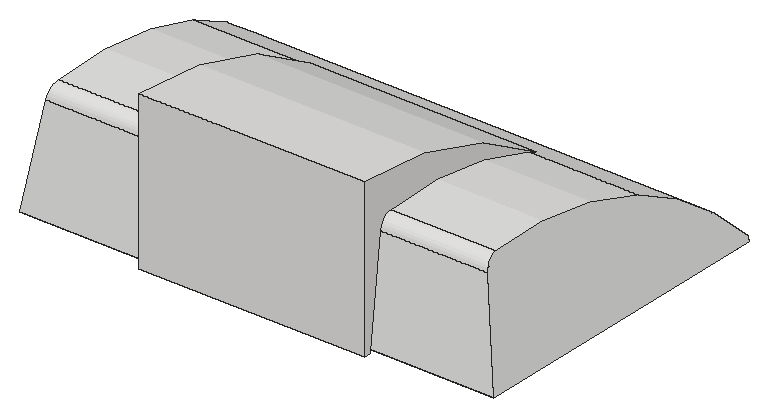
Revit family "WD2S-Down", category Lighting Fixtures, host Wall, Revit 2021
Family settings
  Host = Wall
  Round Connector Dimension = Use Diameter
  Part Type = Normal
  OmniClass Number = 23.80.70.14.11.17
  OmniClass Title = Wall or Ceiling Mounted External Lighting
  Always vertical = No
  Cut with Voids When Loaded = No
  Light Source = Yes
  Shared = Yes
  Room Calculation Point = No
Parameters (values of type "WDS-D-24L-30-3K7-3")
  Watts = 29 W
  Wattage Comments = "30, 40, 60 & 75W"  # constant formula
  Wattage = 29 W
  built-in parameter 1150110 = 1 (stored number, unit not read)
  Voltage = 120 V
  URL = "https://www.currentlighting.com/kimlighting"
  Type Comments = "Lighting Fixture"  # constant formula
  built-in parameter 1114217 = 1 (stored number, unit not read)
  Tilt Angle = 90.00°
  built-in parameter 1150109 = 1 (stored number, unit not read)
  built-in parameter 1150134 = (empty or 0)
  built-in parameter 1150113 = 1 (stored number, unit not read)
  Series = "Wall Director"  # constant formula
  Product Page URL = ""
  Product Documentation Link = ""
  Power Factor = 1  # constant formula
  Photometric Web File = "WDS-D-24L-30-3K7-3.IES"
  Photometric Notes = "More IES files download on Photometric Web Link"  # constant formula
  OmniClass Title = "Wall or Ceiling Mounted External Lighting"  # constant formula
  OmniClass Number = "23-80 70 14 11 17"  # constant formula
  Number of Poles = 1
  Note Visible = yes
  Note Text = "LF"  # constant formula
  Mounting Height = 72.00"
  Model = "WD2S-Down"  # constant formula
  MasterFormat Title = "Parking Lighting, Site Lighting"  # constant formula
  Manufacturer = "Kim Lighting"  # constant formula
  Lumens = 3364 lm
  built-in parameter 1150115 = 1 (stored number, unit not read)
  built-in parameter 1150105 = 267.7 (stored number, unit not read)
  Load Classification = Lighting
  built-in parameter 1150137 = (empty or 0)
  built-in parameter 1150139 = (empty or 0)
  Light Engine = "3000K/70CRI"
  built-in parameter 1150112 = 1 (stored number, unit not read)
  built-in parameter 1150114 = 1 (stored number, unit not read)
  Lamp = "24 LEDs"  # constant formula
  built-in parameter 1150132 = (empty or 0)
  built-in parameter 1150102 = (empty or 0)
  built-in parameter 1150138 = (empty or 0)
  built-in parameter 1150107 = 3000 (stored number, unit not read)
  built-in parameter 1150106 = 2.677 (stored number, unit not read)
  Emit from Rectangle Width = 9.00"  # constant formula
  Emit from Rectangle Length = 4.00"  # constant formula
  Emit Shape Visible in Rendering = no
  built-in parameter 1150104 = 10.777 (stored number, unit not read)
  Distribution = "Type III"
  Dimming Lamp Color Temperature Shift = <None>
  Description = "Wall Mounted Luminaire"  # constant formula
  Default Elevation = 0.00"
  Colour Option = WD : White
  Color Filter = 16777215
  built-in parameter 1114218 = 1 (stored number, unit not read)
  built-in parameter 1150133 = 10 (stored number, unit not read)
  Assembly Code = "D5020200"
  Apparent Load = 0 VA
Types (7): name | Watts | Wattage | built-in parameter 1150134 | Photometric Web File | Mounting Height | Lumens | built-in parameter 1150105 | Light Engine | built-in parameter 1150107 | built-in parameter 1150106 | built-in parameter 1150104 | Distribution
  (no name) | 29 W | 29 W | (empty or 0) | "WDS-D-24L-30-3K7-3.IES" | 72.00" | 3364 lm | 267.7 (stored number, unit not read) | "3000K/70CRI" | 3000 (stored number, unit not read) | 2.677 (stored number, unit not read) | 10.777 (stored number, unit not read) | "Type III"
  WDS-D-24L-59-4K7-3 | 59 W | 59 W | 12 | "WDS-D-24L-59-4K7-3.IES" | 72.00" | 6372 lm | 507.07 (stored number, unit not read) | "4000K/70CRI" | 4000 (stored number, unit not read) | 5.0707 (stored number, unit not read) | 10.034 (stored number, unit not read) | "Type III"
  WDS-D-24L-30-3K7-WG | 29 W | 29 W | (empty or 0) | "WDS-D-24L-30-3K7-WG.IES" | 72.00" | 3393 lm | 270.01 (stored number, unit not read) | "3000K/70CRI" | 3000 (stored number, unit not read) | 2.7001 (stored number, unit not read) | 10.87 (stored number, unit not read) | "Wall Graze"
  WDS-D-24L-42-3K7-4F | 42 W | 42 W | (empty or 0) | "WDS-D-24L-42-3K7-4F.IES" | 72.00" | 4536 lm | 360.96 (stored number, unit not read) | "3000K/70CRI" | 3000 (stored number, unit not read) | 3.6096 (stored number, unit not read) | 10.034 (stored number, unit not read) | "Type IV Forward"
  WDS-D-24L-59-5K7-1 | 59 W | 59 W | 2 | "WDS-D-24L-59-5K7-1.ies" | 72.00" | 6608 lm | 1752.7 (stored number, unit not read) | "5000K/70CRI" | 5000 (stored number, unit not read) | 17.527 (stored number, unit not read) | 10.405 (stored number, unit not read) | "Type I"
  WDS-D-24L-74-4K7-3 | 74 W | 74 W | 12 | "WDS-D-24L-74-4K7-3.IES" | 108.00" | 7844 lm | 624.21 (stored number, unit not read) | "4000K/70CRI" | 4000 (stored number, unit not read) | 6.2421 (stored number, unit not read) | 9.8477 (stored number, unit not read) | "Type III"
  WDS-D-24L-30-3K7-3 | 29 W | 29 W | (empty or 0) | "WDS-D-24L-30-3K7-3.IES" | 72.00" | 3364 lm | 267.7 (stored number, unit not read) | "3000K/70CRI" | 3000 (stored number, unit not read) | 2.677 (stored number, unit not read) | 10.777 (stored number, unit not read) | "Type III"
Reference planes (in)
  plane 1: y = 0
  plane 2 "Light Source Axis (F/B)": y = 9
  plane 3 "Light Source Axis (L/R)": x = -1.43133
  plane 4 "Light Source Elevation": z = 70.5
  plane 5 "Back": y = 3
  plane 6: z = 0
  plane 7: z = 72
Text (in)
  text "Placement Side" at (0, 30.98322, 113.37339), in view "Right"
  text "Placement Side" at (-61.11156, 46.17328, 0), in view "Ref. Level"
  text "Placement Side" at (0, 49.33155, 111.53661), in view "Left"
Dimensions and locks (in)
  locked: plane 5 "Back" to host wall
  plane 6 to plane 4 "Light Source Elevation" = 70.50"
  locked: plane 2 "Light Source Axis (F/B)" to plane 5 "Back" at 6
  locked: plane 4 "Light Source Elevation" to plane 7 at 1.5
  "Mounting Height": plane 6 to plane 7
  aligned and locked: plane 4 "Light Source Elevation" to imposter light
  aligned and locked: imposter light to plane 2 "Light Source Axis (F/B)"
  aligned and locked: plane 3 "Light Source Axis (L/R)" to nested 1
  aligned and locked: nested 1 to plane 7
Nested families (in)
  nested 1: "WD" at (-1.43133, 3, 72) x (-1, 0, 0) z (0, 1, 0), type "Platinum Silver"
Connectors (in)
  electrical at (-1.43133, 3, 72), driven by "Load Classification", driven by "Voltage", driven by "Apparent Load", driven by "Power Factor"
    settings: on nested 1, index 1, voltage 120 V, apparent load 0 VA, apparent load phase1 0 VA, apparent load phase2 0 VA, apparent load phase3 0 VA, power factor 1, load classification "Lighting", number of poles 1, system type 30, power factor state 1, is connector primary yes, connector utility no, sub classification motor no, connector description "Lighting Connector"
Definition of nested family "WD"
  Parameters
    Material Finish = none
    Glass = none
    Default Elevation = 48.00"
  Reference planes (in)
    plane 1 "Center (Front/Back)": y = 0
    plane 2: z = 0
    plane 3 "Center (Left/Right)": x = 0
    plane 4: x = -6.5
    plane 5: x = 6.5
    plane 6: y = 2.15
    plane 7: y = -2.15
    plane 8: y = -2.025
    plane 9: through (-6.5, -2.025, 48) normal (-0.9877, 0.1564, 0)
    plane 10: through (6.5, -2.025, 48) normal (-0.9877, -0.1564, 0)
    plane 11: z = 8.9
    plane 12: x = -3.1
    plane 13: x = 3.1
    plane 14: z = 7.9
    plane 15: z = 3.9
    plane 16: x = -4.5
    plane 17: x = 4.5
    plane 18: y = -1.15
  Forms (in)
    Extrusion 1, solid, material <- "Material Finish"
      sketch origin (0, 0, 0) x (0, 1, 0) y (0, 0, 1)
        loop
          line (-2.025, 0.17032) -> (0.73999, 0.50982)
          arc (0.73999, 0.50982) -> (0.97971, 0.62792) -> (1.09396, 0.8695) r 0.40569
          arc (1.09396, 0.8695) -> (1.0549, 3.28133) -> (0.43271, 5.61186) r 9.88236
          arc (0.43271, 5.61186) -> (-0.54071, 7.39296) -> (-1.90039, 8.9) r 8.69883
          line (-1.90039, 8.9) -> (-2.025, 8.9) -> (-2.025, 0.17032)
      from -6.5 to 6.5
    Extrusion 2, solid, material <- "Material Finish"
      sketch origin (0, 0, 0) x (0, 1, 0) y (0, 0, 1)
        loop
          line (-2.15, 0) -> (2.15, 0)
          arc (2.15, 0) -> (1.7043, 3.06816) -> (0.33308, 5.84881) r 9.9183
          arc (0.33308, 5.84881) -> (0.38377, 5.7307) -> (0.43271, 5.61186) r 8.69883
          arc (0.43271, 5.61186) -> (1.0549, 3.28133) -> (1.09396, 0.8695) r 9.88236
          arc (1.09396, 0.8695) -> (0.97971, 0.62792) -> (0.73999, 0.50982) r 0.40569
          line (0.73999, 0.50982) -> (-2.15, 0.15497) -> (-2.15, 0)
      from -3.1 to 3.1
    Extrusion 3, void
      sketch origin (0, 0, 0) x (1, 0, 0) y (0, 1, 0)
        loop
          line (-6.5, -2.025) -> (-5.83874, 2.15) -> (-6.5, 2.15) -> (-6.5, -2.025)
        loop
          line (6.5, -2.025) -> (6.5, 2.15) -> (5.83874, 2.15) -> (6.5, -2.025)
      from 0 to 8.9
    Blend 4, solid, material <- "Material Finish"
      base sketch origin (0, 0, 0) x (1, 0, 0) y (0, 0, 1)
        loop
          line (-6.5, 8.9) -> (-6.5, 0.17032) -> (6.5, 0.17032) -> (6.5, 8.9) -> (-6.5, 8.9)
      top sketch origin (0, 0, 0) x (1, 0, 0) y (0, 0, 1)
        loop
          line (-6.23026, 8.65) -> (-6.23026, 0.42032) -> (6.25, 0.42032) -> (6.25, 8.65) -> (-6.23026, 8.65)
      from 2.025 to 2.15
    Extrusion 5, void
      sketch origin (0, 0, 0) x (1, 0, 0) y (0, 0, 1)
        loop
          line (-4.5, 7.9) -> (-4.5, 3.9) -> (4.5, 3.9) -> (4.5, 7.9) -> (-4.5, 7.9)
      from 1.15 to 2.15
    Extrusion 6, solid, material <- "Glass"
      sketch origin (0, 0, 0) x (1, 0, 0) y (0, 0, 1)
        loop
          line (-4.5, 7.9) -> (-4.5, 3.9) -> (4.5, 3.9) -> (4.5, 7.9) -> (-4.5, 7.9)
      from 2.025 to 2.15
  Cuts and joins
    Extrusion 3, Extrusion 5 cuts Extrusion 1
    Extrusion 5 cuts Blend 4
  Dimensions and locks (in)
    equal spacing: plane 4, plane 3 "Center (Left/Right)", plane 5
    locked: plane 4 to plane 5 at 13
    equal spacing: plane 6, plane 1 "Center (Front/Back)", plane 7
    locked: plane 6 to plane 7 at 4.3
    locked: plane 8 to plane 7 at 0.125
    plane 11 to plane 2 = 8.90"
    equal spacing: plane 12, plane 3 "Center (Left/Right)", plane 13, locked at 3.1 each
    locked: plane 11 to plane 14 at 1
    locked: plane 14 to plane 15 at 4
    locked: plane 16 to plane 4 at 2
    locked: plane 5 to plane 17 at 2
    locked: plane 18 to plane 7 at 1
    angle plane 9 to plane 4 = 9.00°
    aligned and locked: plane 2 to level
    aligned and locked: Extrusion 1 sketch curve to plane 8
    aligned and locked: Extrusion 2 sketch curve to plane 7
    aligned and locked: plane 2 to Extrusion 2 sketch curve
    aligned and locked: Extrusion 1 to plane 4
    aligned and locked: plane 5 to Extrusion 1
    aligned and locked: Extrusion 2 to plane 12
    aligned and locked: Extrusion 2 to plane 13
    aligned and locked: plane 6 to Extrusion 3 sketch curve
    aligned and locked: Extrusion 3 sketch curve to plane 4
    aligned and locked: Extrusion 3 sketch curve to plane 9
    aligned and locked: Extrusion 3 sketch curve to plane 6
    aligned and locked: Extrusion 3 sketch curve to plane 10
    aligned and locked: Extrusion 3 sketch curve to plane 5
    aligned and locked: plane 11 to Extrusion 3
    aligned and locked: Extrusion 3 to plane 2
    aligned and locked: Blend 4 sketch curve to cut or joined group of Extrusion 1, Extrusion 3, Extrusion 5  (x4)
    aligned and locked: plane 8 to Blend 4
    aligned and locked: Blend 4 to plane 7
    aligned and locked: Extrusion 5 sketch curve to plane 14
    aligned and locked: plane 16 to Extrusion 5 sketch curve
    aligned and locked: plane 15 to Extrusion 5 sketch curve
    aligned and locked: Extrusion 5 sketch curve to plane 17
    aligned and locked: Extrusion 5 to plane 7
    aligned and locked: plane 18 to Extrusion 5
    aligned and locked: Extrusion 6 sketch curve to cut or joined group of Extrusion 1, Extrusion 3, Extrusion 5  (x4)
    aligned and locked: plane 8 to Extrusion 6
    aligned and locked: Extrusion 6 to plane 7
  Automatic sketch dimensions
    level to Extrusion 1 sketch curve = 0.17032"
    Extrusion 1 sketch curve to plane 11 = 0.00"
    Extrusion 1 sketch curve to Extrusion 1 sketch curve = 1.09767"
    Extrusion 1 sketch curve to plane 1 "Center (Front/Back)" = 0.69055"
    Extrusion 1 sketch curve to Extrusion 1 sketch curve = 0.04944"
    level to Extrusion 1 sketch curve = 0.50982"
    Extrusion 1 sketch curve to Extrusion 1 sketch curve = 0.40267"
    Extrusion 1 sketch curve to Extrusion 1 sketch curve = 0.44255"
    Extrusion 1 sketch curve to Extrusion 1 sketch curve = 0.12461"
    Extrusion 1 sketch curve to plane 1 "Center (Front/Back)" = 0.43271"
    Extrusion 1 sketch curve to Extrusion 1 sketch curve = 0.00"  (x2)
    Extrusion 2 sketch curve to plane 6 = 0.00"
    level to Extrusion 2 sketch curve = 2.35914"
    level to Extrusion 2 sketch curve = 0.12577"
    Extrusion 2 sketch curve to Extrusion 2 sketch curve = 0.13241"
    Extrusion 2 sketch curve to Extrusion 2 sketch curve = 1.09767"
    Extrusion 2 sketch curve to plane 1 "Center (Front/Back)" = 0.69055"
    Extrusion 2 sketch curve to Extrusion 2 sketch curve = 0.04944"
    Extrusion 2 sketch curve to Extrusion 2 sketch curve = 0.15497"
    level to Extrusion 2 sketch curve = 0.50982"
    Extrusion 2 sketch curve to Extrusion 2 sketch curve = 0.40267"
    Extrusion 2 sketch curve to Extrusion 2 sketch curve = 0.44255"
    Extrusion 2 sketch curve to plane 1 "Center (Front/Back)" = 0.33308"
    Extrusion 2 sketch curve to Extrusion 2 sketch curve = 0.09963"
    Extrusion 2 sketch curve to Extrusion 2 sketch curve = 0.00"
    plane 4 to Blend 4 sketch curve = 0.26974"
    Blend 4 sketch curve to plane 5 = 0.25"
    level to Blend 4 sketch curve = 0.42032"
    Blend 4 sketch curve to plane 11 = 0.25"
